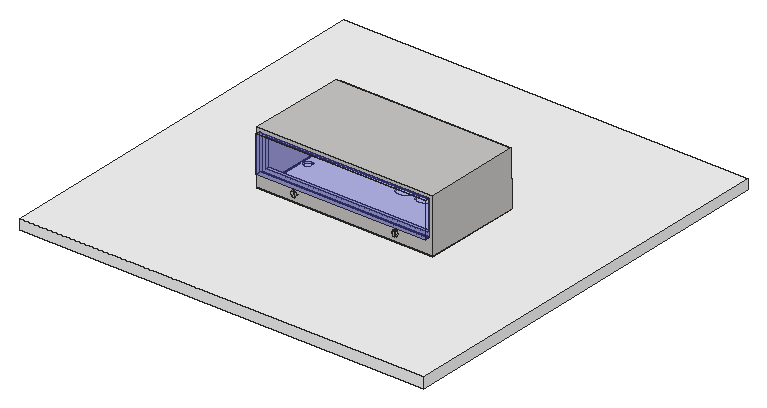
Revit family "BE_50072.2_de_DE", category Leuchten, Revit 2015
Parameters (values of type "BEGA_50072.2_K4")
  built-in parameter 1150104 = 12.867 (stored number, unit not read)
  Wattage = 12.2 W
  Default Elevation = 0 mm
  built-in parameter 1150113 = 1 (stored number, unit not read)
  built-in parameter 1114218 = 1 (stored number, unit not read)
  Umgebungstemperatur = ""
  URL = "http://www.bega.de/produkt/50072.2"
  Typenkommentare = "© 2017 BEGA. Wir behalten uns das Recht vor, technische Änderungen ohne vorherige Ankündigung vorzunehmen."  # constant formula
  built-in parameter 1150134 = 12
  built-in parameter 1150109 = 1 (stored number, unit not read)
  Strom = ""
  built-in parameter 1150110 = 1 (stored number, unit not read)
  Spannung = 239.996 V
  Sonderanfertigung = no
  Seriennummer [instance] = "Hier können Sie die eindeutige Seriennummer für das Facility Management eintragen."
  Schutzklasse = "I"
  Schutzart = "IP 20"
  Scheinlast = 0 VA
  Produktdatenblatt = "http://www.bega.de/download/Xrfa/db/50072.2.db.de.pdf"
  Oberflächentemperatur = ""
  Neigungswinkel = 0.00°
  Modell = "50072.2K4"
  Material_17 = BEGA_Reflektor
  Material_15 = BEGA_Leuchtmedium_matt
  Material_11 = BEGA_Glas_opal
  Material_09 = BEGA_Glas_klar
  Material_08 = BEGA_Oberfläche_Stahl_verzinkt
  Material_06 = BEGA_Oberfläche_Edelstahl_gebürstet
  Material_05 = BEGA_Oberfläche_Aluminium Guss
  Material_03 = BEGA_Oberfläche_Weiss_matt
  Material_02 = BEGA_Oberfläche_Silber_matt
  Material_01 [instance] = BEGA_Oberfläche_Grafit_matt
  M_W = no
  M_G = no
  M_A = no
  Logo = 0
  built-in parameter 1114217 = 1 (stored number, unit not read)
  built-in parameter 1150139 = (empty or 0)
  built-in parameter 1150105 = 134.46 (stored number, unit not read)
  built-in parameter 1150114 = 1 (stored number, unit not read)
  Lumens = 1689.7 lm
  built-in parameter 1150115 = 1 (stored number, unit not read)
  Leuchtenlichtstrom = "782 lm"
  Leuchtenanzahl = ""
  Lebensdauerkriterien = "L70B50 @ 25 °C = 223000 h"
  Lastklassifizierung = Beleuchtung
  built-in parameter 1150112 = 1 (stored number, unit not read)
  Lampenlichtstrom = "1690 lm"
  Lampe = "LED 12.2 W"
  LED_Modulbezeichnung = "2x LED-0518/840"
  Hersteller = "BEGA"  # constant formula
  Halbstreuwinkel = ""
  Gewicht = "1.3 kg"
  Gebrauchslageneinschränkung [instance] = ""
  Frequenz = "0/50-60 Hz"
  Farbwiedergabeindex = "Ra > 80"
  Farbtemperaturverschiebung bei Dämpfen der Lampe = <Keine Auswahl>
  Farbtemperatur = "4000 K"
  Color Filter = 16777215
  built-in parameter 1150133 = 10 (stored number, unit not read)
  Energieeffizienzklasse = "LED A++ - A"
  built-in parameter 1150137 = (empty or 0)
  built-in parameter 1150132 = (empty or 0)
  ENEC = ""
  Dimmbar [instance] = ""
  Datei für fotometrisches Netz = "BE_50072K4.IES"
  CE_Konformität = "ja"
  Bestellnummer = "50072.2K4"
  Beschreibung_Sonderanfertigung = "Hier können Sie Informationen zur Sonderanfertigung eintragen."
  Beschreibung = "Wandleuchte"
  built-in parameter 1150106 = 1.3446 (stored number, unit not read)
  Befestigungsbohrung = "Ø 4,5 mm"
  Befestigungsabstand = "150 mm"
  Ballwurfsicher = ""
  BEGA_Intern_aus = yes
  BEGA_Intern_an = yes
  BEGA_Intern_Konstruktion = yes
  BEGA_Intern = yes
  BEGA_IES = yes
  BEGA_Dummy = no
  Anschlussleitung = ""
  Anschlussleistung [instance] = "15.6 W"
  Anschlusskasten = ""
  built-in parameter 1150107 = 4000 (stored number, unit not read)
  built-in parameter 1150102 = (empty or 0)
  built-in parameter 1150138 = (empty or 0)
  Aktualisierung = "2017-06-22T04:08:41"
  Abstand_zur_angestrahlten_Fläche [instance] = ""
  AC/DC = "AC/DC"
Types (2, lengths in mm): name | built-in parameter 1150134 | Modell | LED_Modulbezeichnung | Farbtemperatur | Datei für fotometrisches Netz | Bestellnummer | built-in parameter 1150107
  BEGA_50072.2_K4 | 12 | "50072.2K4" | "2x LED-0518/840" | "4000 K" | "BE_50072K4.IES" | "50072.2K4" | 4000 (stored number, unit not read)
  BEGA_50072.2_K3 | (empty or 0) | "50072.2" | "2x LED-0518/830" | "3000 K" | "BE_50072.IES" | "50072.2" | 3000 (stored number, unit not read)
Reference planes
  plane 1 "Mitte (Vorne/Hinten)": y = 0
  plane 2: z = 0
  plane 3 "Mitte (Links/Rechts)": x = 0
  plane 4 "Links": x = -87.491
  plane 5 "Rechts": x = 87.491
  plane 6 "Unten": y = -53.25
  plane 7 "Oben": y = 53.25
  plane 8 "Vorne": z = 54
  plane 9 "Hinten": z = 0
Forms (mm)
  Extrusion 1, solid, material "BEGA_Platte_Weiss"
    sketch origin (0, -1119.2, 0) x (1, 0, 0) y (0, 1, 0)
      loop
        line (-200, 1319.2) -> (-200, 919.2) -> (200, 919.2) -> (200, 1319.2) -> (-200, 1319.2)
    from 0 to -10
  Extrusion 2, solid, material "BEGA_Dummy_matt", visible <- "BEGA_Dummy"
    sketch origin (80.095, -76.023, 0) x (1, 0, 0) y (0, 1, 0)
      loop
        line (-167.587, 129.273) -> (-167.587, 22.773) -> (7.396, 22.773) -> (7.396, 129.273) -> (-167.587, 129.273)
    from 0 to 54
Dimensions and locks
  plane 1 "Mitte (Vorne/Hinten)" to Extrusion 1 = 200 mm
  plane 1 "Mitte (Vorne/Hinten)" to Extrusion 2 = 53.25 mm
  aligned and locked: plane 2 to Extrusion 1
  aligned and locked: level to Extrusion 1
Nested families
  nested 1: "BE_50072.2" at (0, 0, 0), type "BE_50072.2"
Connectors
  electrical at (0, 0, 0), driven by "Lastklassifizierung", driven by "Spannung", driven by "Scheinlast"
    settings: index 1, voltage 239.996 V, apparent load 0 VA, apparent load phase1 0 VA, apparent load phase2 0 VA, apparent load phase3 0 VA, power factor 1, load classification "Beleuchtung", number of poles 1, system type 31, power factor state 1, is connector primary yes, connector utility no, sub classification motor no, connector description ""
Definition of nested family "BE_50072.2"
  Parameters (values of type "BE_50072.2")
    Default Elevation = 1 mm
    URL = "http://www.bega.de/de/produkt"
    Type Comments = "© 2015 BEGA. Wir behalten uns das Recht vor, technische Änderungen ohne vorherige Ankündigung vorzunehmen. "  # constant formula
    Type Image = (empty or 0)
    Neigungswinkel_um_Z2 = 0.00°
    Neigungswinkel_um_Z1 = 0.00°
    Neigungswinkel_um_Y2 = 0.00°
    Neigungswinkel_um_Y1 = 0.00°
    Neigungswinkel_um_X2 = 0.00°
    Neigungswinkel_um_X1 = 0.00°
    Material_17 = none
    Material_15 = none
    Material_11 = none
    Material_09 = none
    Material_08 = none
    Material_06 = none
    Material_05 = none
    Material_03 = none
    Material_02 = none
    Material_01 = none
    M_W = yes
    M_G = yes
    M_A = yes
    Länge_Platte = 300 mm  # constant formula
    Höhe_Platte = -10 mm  # constant formula
    Manufacturer = "BEGA"  # constant formula
    Drehwinkel_um_Z2 = 0.00°
    Drehwinkel_um_Z1 = 0.00°
    Breite_Platte = 200 mm  # constant formula
  Reference planes
    plane 1 "Mitte (Oben/Unten)": y = 0
    plane 2: z = 0
    plane 3 "Mitte (Links/Rechts)": x = 0
    plane 4: z = 54
    plane 5: y = 53.25
    plane 6: y = -53.25
    plane 7: x = -87.491
    plane 8: x = 87.491
  Forms (mm)
    Extrusion 1, solid, detail levels medium
      sketch origin (0, 0, 0) x (1, 0, 0) y (0, 1, 0)
        loop
          line (-150, 100) -> (-150, -100) -> (150, -100) -> (150, 100) -> (-150, 100)
      from 0 to -10 <- "Höhe_Platte"
    Extrusion 2, solid, material <- "Material_06", detail levels medium+fine
      sketch origin (0, 0, 0) x (0, 1, 0) y (0, 0, 1)
        loop
          line (48.25, 1) -> (48.25, 54) -> (-48.25, 54) -> (-48.25, 1) -> (-45.835, 1) -> (-45.835, 52) -> (45.835, 52) -> (45.835, 1) -> (48.25, 1)
      from -88.265 to 88.776
    Extrusion 3, solid, material <- "Material_06", detail levels medium+fine
      sketch origin (0, 0, 0) x (1, 0, 0) y (0, 0, 1)
        loop
          line (-88.265, 54) -> (-88.265, 1) -> (-84.981, 1) -> (-84.981, 54) -> (-88.265, 54)
        loop
          line (88.776, 54) -> (85.662, 54) -> (85.662, 1) -> (88.776, 1) -> (88.776, 54)
      from -48.25 to 48.25
    Extrusion 4, void
      sketch origin (0, 0, 0) x (1, 0, 0) y (0, 0, 1)
        loop
          line (-87.499, 0.549) -> (-86.557, 54.543) -> (-89.287, 54.543) -> (-89.287, 0.549) -> (-87.499, 0.549)
        loop
          line (87.516, 0.549) -> (90.348, 0.549) -> (90.348, 54.543) -> (86.574, 54.543) -> (87.516, 0.549)
      from -49.824 to 51.45
    Sweep 5, solid, material <- "Material_03", detail levels medium+fine
      path origin (0, 0, 0) x (1, 0, 0) y (0, 1, 0)
        loop
          line (87.509, 48.25) -> (-87.5, 48.25) -> (-87.5, -48.25) -> (87.509, -48.25) -> (87.509, 48.25)
      profile origin (0.004, 48.25, 0) x (0, -1, 0) y (0, 0, 1)
        loop
          line (0.5, 0) -> (4.017, 0)
          arc (4.017, 0) -> (5.077, 0.439) -> (5.517, 1.5) r 1.5
          line (5.517, 1.5) -> (5.517, 2.5)
          arc (5.517, 2.5) -> (5.663, 2.854) -> (6.017, 3) r 0.5
          line (6.017, 3) -> (42.243, 3) -> (42.243, 4) -> (6.017, 4)
          arc (6.017, 4) -> (4.956, 3.561) -> (4.517, 2.5) r 1.5
          line (4.517, 2.5) -> (4.517, 1.5)
          arc (4.517, 1.5) -> (4.37, 1.146) -> (4.017, 1) r 0.5
          line (4.017, 1) -> (0.5, 1) -> (0.5, 0)
    Extrusion 6, solid, material <- "Material_03", detail levels medium+fine
      sketch origin (0, 0, 0) x (0, 1, 0) y (0, 0, 1)
        loop
          line (6.007, 4) -> (-6.007, 4) -> (-6.007, 3) -> (6.007, 3) -> (6.007, 4)
      from -45.466 to 45.466
    Extrusion 7, void
      sketch origin (0, 0, 0) x (1, 0, 0) y (0, 1, 0)
        loop
          circle (30, 15) r 8.5
        loop
          circle (-75, 0) r 4.25
        loop
          circle (10, 15) r 8.5
        loop
          circle (75, 0) r 4.25
      from 0 to 8
    Extrusion 8, solid, material <- "Material_06", detail levels medium+fine
      sketch origin (0, 0, 0) x (0, 1, 0) y (0, 0, 1)
        loop
          line (45.835, 52) -> (42.76, 52) -> (42.76, 13.991) -> (45.835, 13.991) -> (45.835, 52)
        loop
          line (-45.835, 52) -> (-45.835, 13.991) -> (-42.76, 13.991) -> (-42.76, 52) -> (-45.835, 52)
      from -84.378 to 84.841
    Extrusion 9, void
      sketch origin (0, 0, 0) x (0, 1, 0) y (0, 0, 1)
        loop
          line (49.5, 48.03) -> (-49.715, 48.03) -> (-49.715, 18.623) -> (49.5, 18.623) -> (49.5, 48.03)
      from -80.277 to 80.984
    Extrusion 10, void
      sketch origin (0, 0, 0) x (0, 1, 0) y (0, 0, 1)
        loop
          line (45.835, 51.347) -> (45.835, 15.347) -> (49.744, 15.347) -> (49.744, 51.347) -> (45.835, 51.347)
        loop
          line (-45.835, 51.347) -> (-49.744, 51.347) -> (-49.744, 15.347) -> (-45.835, 15.347) -> (-45.835, 51.347)
      from -83.844 to 84.146
    Extrusion 11, solid, material <- "Material_11", detail levels medium+fine
      sketch origin (0, 0, 0) x (0, -1, 0) y (0, 0, -1)
        loop
          line (53.25, -15.347) -> (45.25, -15.347) -> (45.25, -51.347) -> (53.25, -51.347) -> (53.25, -15.347)
      from -83.844 to 84.146
    Revolve 12, void
      sketch origin (-49.991, 0, 0) x (0, 1, 0) y (0, 0, 1)
        loop
          line (-46.138, 10.5) -> (-47.677, 10.5) -> (-48.584, 11.407) -> (-48.584, 8) -> (-46.138, 8) -> (-46.138, 10.5)
        axis (-46.138, 8) -> (-48.584, 8)
      angle from 0 to 360
    Revolve 13, solid, material <- "Material_06", detail levels fine
      sketch origin (-49.991, 0, 0) x (0, 1, 0) y (0, 0, 1)
        loop
          line (-49.45, 10) -> (-49.45, 8) -> (-46.138, 8) -> (-46.138, 10.5) -> (-47.633, 10.5) -> (-48.25, 10) -> (-49.45, 10)
        axis (-46.138, 8) -> (-49.45, 8)
      angle from 0 to 360
    Extrusion 14, solid, material <- "Material_11", detail levels medium+fine
      sketch origin (0, 0, 0) x (0, 1, 0) y (0, 0, 1)
        loop
          line (53.25, 15.347) -> (53.25, 51.347) -> (45.25, 51.347) -> (45.25, 15.347) -> (53.25, 15.347)
      from -83.844 to 84.146
    Revolve 15, void
      sketch origin (49.991, 0, 0) x (0, 1, 0) y (0, 0, -1)
        loop
          line (-46.138, -10.5) -> (-46.138, -8) -> (-48.584, -8) -> (-48.584, -11.407) -> (-47.677, -10.5) -> (-46.138, -10.5)
        axis (-46.138, -8) -> (-48.584, -8)
      angle from 0 to 360
    Revolve 16, solid, material <- "Material_06", detail levels fine
      sketch origin (49.991, 0, 0) x (0, 1, 0) y (0, 0, -1)
        loop
          line (-49.45, -10) -> (-48.25, -10) -> (-47.633, -10.5) -> (-46.138, -10.5) -> (-46.138, -8) -> (-49.45, -8) -> (-49.45, -10)
        axis (-46.138, -8) -> (-49.45, -8)
      angle from 0 to 360
  Cuts and joins
    Extrusion 4, Extrusion 9, Extrusion 10, Revolve 12, Revolve 15 cuts Extrusion 2
    Extrusion 4, Extrusion 9, Extrusion 10, Revolve 12, Revolve 15 cuts Extrusion 3
    Extrusion 9, Extrusion 10, Revolve 12, Revolve 15 cuts Extrusion 8
    joined: Extrusion 2, Extrusion 3, Extrusion 8
    Extrusion 7 cuts Sweep 5
    Extrusion 7 cuts Extrusion 6
    joined: Sweep 5, Extrusion 6
  Dimensions and locks
    equal spacing: Extrusion 1 sketch curve, plane 3 "Mitte (Links/Rechts)", Extrusion 1 sketch curve
    equal spacing: Extrusion 1 sketch curve, plane 1 "Mitte (Oben/Unten)", Extrusion 1 sketch curve
    "Länge_Platte": Extrusion 1 sketch curve to Extrusion 1 sketch curve
    "Breite_Platte": Extrusion 1 sketch curve to Extrusion 1 sketch curve
    aligned and locked: Extrusion 1 to plane 2
    aligned and locked: level to Extrusion 1
  Automatic sketch dimensions
    plane 4 to Extrusion 2 sketch curve = 0 mm
    level to Extrusion 2 sketch curve = 1 mm  (x2)
    plane 6 to Extrusion 2 sketch curve = 5 mm
    Extrusion 2 sketch curve to Extrusion 2 sketch curve = 2.415 mm  (x2)
    plane 5 to Extrusion 2 sketch curve = 7.415 mm
    plane 4 to Extrusion 2 sketch curve = 2 mm
    Extrusion 3 sketch curve to plane 4 = 0 mm  (x2)
    level to Extrusion 3 sketch curve = 1 mm  (x2)
    Extrusion 3 sketch curve to Extrusion 3 sketch curve = 3.284 mm
    Extrusion 3 sketch curve to Extrusion 3 sketch curve = 3.114 mm
    Extrusion 4 sketch curve to plane 4 = 0.543 mm  (x2)
    level to Extrusion 4 sketch curve = 0.549 mm  (x2)
    Extrusion 4 sketch curve to Extrusion 4 sketch curve = 1.788 mm
    Extrusion 4 sketch curve to Extrusion 4 sketch curve = 2.73 mm
    Extrusion 4 sketch curve to Extrusion 4 sketch curve = 2.831 mm
    plane 5 to Sweep 5 sketch curve = 5 mm
    plane 6 to Sweep 5 sketch curve = 5 mm
    Sweep 5 sketch curve to Sweep 5 sketch curve = 0 mm  (x4)
    Sweep 5 sketch curve to level = 0 mm
    Sweep 5 sketch curve to profile plane = 0.5 mm
    level to Sweep 5 sketch curve = 1 mm
    Sweep 5 sketch curve to Sweep 5 sketch curve = 3.517 mm
    Sweep 5 sketch curve to Sweep 5 sketch curve = 0.5 mm  (x2)
    level to Sweep 5 sketch curve = 4 mm
    Sweep 5 sketch curve to Sweep 5 sketch curve = 36.226 mm
    plane 1 "Mitte (Oben/Unten)" to Extrusion 6 sketch curve = 6.007 mm
    level to Extrusion 6 sketch curve = 3 mm
    Extrusion 6 sketch curve to plane 1 "Mitte (Oben/Unten)" = 6.007 mm
    Extrusion 6 sketch curve to Extrusion 6 sketch curve = 1 mm
    plane 1 "Mitte (Oben/Unten)" to Extrusion 7 sketch curve = 0 mm  (x2)
    plane 3 "Mitte (Links/Rechts)" to Extrusion 7 sketch curve = 10 mm
    Extrusion 7 sketch curve to plane 1 "Mitte (Oben/Unten)" = 15 mm  (x2)
    plane 6 to Extrusion 8 sketch curve = 7.415 mm
    Extrusion 8 sketch curve to Extrusion 8 sketch curve = 3.075 mm  (x2)
    plane 4 to Extrusion 8 sketch curve = 2 mm  (x2)
    plane 5 to Extrusion 8 sketch curve = 10.49 mm
    level to Extrusion 8 sketch curve = 13.991 mm  (x2)
    plane 6 to Extrusion 9 sketch curve = 3.535 mm
    plane 5 to Extrusion 9 sketch curve = 3.75 mm
    level to Extrusion 9 sketch curve = 18.623 mm
    plane 4 to Extrusion 9 sketch curve = 5.97 mm
    plane 6 to Extrusion 10 sketch curve = 3.506 mm
    Extrusion 10 sketch curve to Extrusion 10 sketch curve = 3.91 mm
    plane 5 to Extrusion 10 sketch curve = 7.415 mm
    plane 5 to Extrusion 10 sketch curve = 3.506 mm
    level to Extrusion 10 sketch curve = 15.347 mm  (x2)
    plane 4 to Extrusion 10 sketch curve = 2.653 mm  (x2)
    Extrusion 11 sketch curve to plane 6 = 0 mm
    Extrusion 11 sketch curve to plane 4 = 2.653 mm
    Extrusion 11 sketch curve to plane 6 = 8 mm
    Extrusion 11 sketch curve to level = 15.347 mm
    plane 6 to Revolve 12 sketch curve = 4.666 mm
    Revolve 12 sketch curve to Revolve 12 sketch curve = 0.907 mm  (x2)
    Revolve 12 sketch curve to Revolve 12 sketch curve = 2.445 mm
    level to Revolve 12 sketch curve = 8 mm
    Revolve 12 sketch curve to Revolve 12 sketch curve = 2.5 mm
    Revolve 12 sketch curve to Revolve 12 sketch curve = 0 mm  (x3)
    plane 6 to Revolve 13 sketch curve = 3.8 mm
    Revolve 13 sketch curve to Revolve 13 sketch curve = 1.2 mm
    Revolve 13 sketch curve to Revolve 13 sketch curve = 0.617 mm
    Revolve 13 sketch curve to Revolve 13 sketch curve = 1.494 mm
    level to Revolve 13 sketch curve = 8 mm
    Revolve 13 sketch curve to Revolve 13 sketch curve = 2 mm
    Revolve 13 sketch curve to Revolve 13 sketch curve = 0.5 mm
    Revolve 13 sketch curve to Revolve 13 sketch curve = 0 mm  (x3)
    Extrusion 14 sketch curve to plane 5 = 0 mm
    plane 4 to Extrusion 14 sketch curve = 2.653 mm
    Extrusion 14 sketch curve to Extrusion 14 sketch curve = 8 mm
    level to Extrusion 14 sketch curve = 15.347 mm
    plane 6 to Revolve 15 sketch curve = 4.666 mm
    Revolve 15 sketch curve to Revolve 15 sketch curve = 0.907 mm  (x2)
    Revolve 15 sketch curve to Revolve 15 sketch curve = 2.445 mm
    level to Revolve 15 sketch curve = 11.407 mm
    Revolve 15 sketch curve to Revolve 15 sketch curve = 2.5 mm
    Revolve 15 sketch curve to Revolve 15 sketch curve = 0 mm  (x3)
    plane 6 to Revolve 16 sketch curve = 3.8 mm
    Revolve 16 sketch curve to Revolve 16 sketch curve = 1.2 mm
    Revolve 16 sketch curve to Revolve 16 sketch curve = 0.617 mm
    Revolve 16 sketch curve to Revolve 16 sketch curve = 1.494 mm
    level to Revolve 16 sketch curve = 10.5 mm
    Revolve 16 sketch curve to Revolve 16 sketch curve = 0.5 mm
    Revolve 16 sketch curve to Revolve 16 sketch curve = 2.5 mm
    Revolve 16 sketch curve to Revolve 16 sketch curve = 0 mm  (x3)
    plane 3 "Mitte (Links/Rechts)" to Extrusion 3 sketch curve = 85.662 mm
    plane 3 "Mitte (Links/Rechts)" to Extrusion 4 sketch curve = 86.574 mm
    Extrusion 4 sketch curve to Extrusion 4 sketch curve = 0.942 mm
    plane 3 "Mitte (Links/Rechts)" to Sweep 5 sketch curve = 87.509 mm
    Extrusion 7 sketch curve to Extrusion 7 sketch curve = 20 mm
    Extrusion 7 sketch curve to Extrusion 7 sketch curve = 45 mm
    Extrusion 3 sketch curve to plane 3 "Mitte (Links/Rechts)" = 84.981 mm
    Extrusion 4 sketch curve to plane 3 "Mitte (Links/Rechts)" = 86.557 mm
    Sweep 5 sketch curve to plane 3 "Mitte (Links/Rechts)" = 87.5 mm
    Extrusion 7 sketch curve to plane 3 "Mitte (Links/Rechts)" = 75 mm
    radius of Extrusion 7 sketch curve = 8.5 mm  (x2)
    radius of Extrusion 7 sketch curve = 4.25 mm  (x2)
